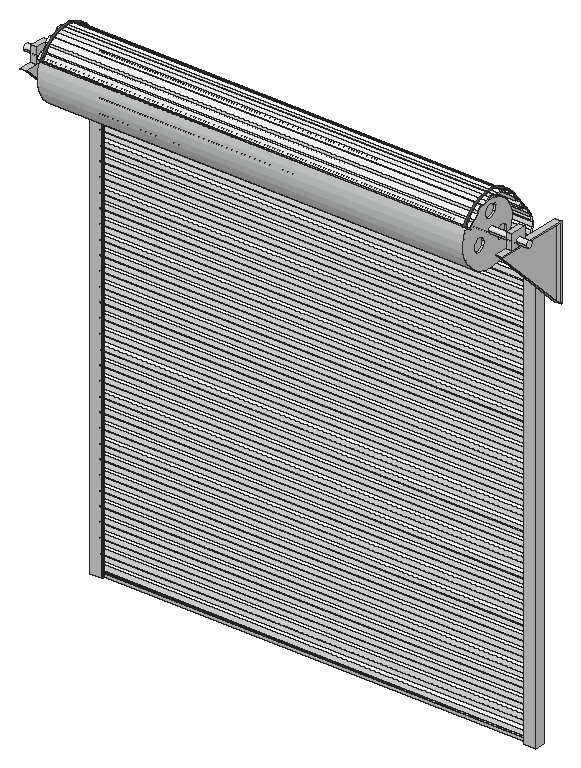
Revit family "Doors_Industrial_Overhead-Door-Corporation_ProStar-Rolling-Steel-Sheet-Doors-790CW_", category Specialty Equipment, host Wall, Revit 2019 (continued)
Definition of nested family "Operator"
  Automatic sketch dimensions
    Masking region 3 sketch curve to Masking region 3 sketch curve = 3 1/2"
    Masking region 3 sketch curve to Masking region 3 sketch curve = 1 1/2"
    Masking region 3 sketch curve to Masking region 3 sketch curve = 131/256"
    curve 2 to Masking region 3 sketch curve = 2 125/256"
    Masking region 3 sketch curve to curve 2 = 5"
    curve 2 to Masking region 3 sketch curve = 4 1/4"  (x2)
    Masking region 3 sketch curve to Masking region 3 sketch curve = 0"
    Masking region 3 sketch curve to Masking region 3 sketch curve = 1"  (x3)
    Masking region 2 sketch curve to curve 2 = 0"  (x2)
    curve 2 to Masking region 2 sketch curve = 15.34603"
    Masking region 2 sketch curve to curve 2 = 2 125/256"
    Masking region 2 sketch curve to curve 2 = 3"
    Masking region 2 sketch curve to Masking region 2 sketch curve = 0"
    curve 2 to Masking region 2 sketch curve = 0.12"  (x2)
    curve 2 to Masking region 2 sketch curve = 2 125/256"
    Masking region 2 sketch curve to Masking region 2 sketch curve = 1.67216"
    Masking region 2 sketch curve to Masking region 2 sketch curve = 0.15206"
    Masking region 2 sketch curve to Masking region 2 sketch curve = 2 3/256"
    Masking region 2 sketch curve to Masking region 2 sketch curve = 0.2164"
    Masking region 2 sketch curve to curve 2 = 7.27045"  (x2)
    Masking region 2 sketch curve to Masking region 2 sketch curve = 2.64258"
    Masking region 2 sketch curve to Masking region 2 sketch curve = 0.25654"
    Masking region 2 sketch curve to curve 2 = 10.70282"
    Sweep 2 sketch curve to plane 1 "Center (Front/Back)" = 0"
    plane 1 "Center (Front/Back)" to Sweep 2 sketch curve = 2.9125"
    radius of Sweep 2 sketch curve = 0.3"
    radius of Extrusion 6 sketch curve = 1/2"
    radius of Extrusion 7 sketch curve = 1"
Types (5): name | Voltage | Frequency | Electrical Operator | Current | Chain Hoist | Apparent Load Phase 1
  ‏​Manual push-up | 0 V | 0 Hz | no | 0 A | no | 0 VA
  Chain Hoist | 0 V | 0 Hz | no | 0 A | yes | 0 VA
  115 volts, one phase, 60 Hz (110-120V range) | 115 V | 60 Hz | yes | 20 A | no | 2300 VA
  208 volts, one phase, 60 Hz (190-207V range) | 208 V | 60 Hz | yes | 20 A | no | 4160 VA
  230 volts, one phase, 60 Hz (208-245V range) | 230 V | 60 Hz | yes | 20 A | no | 4600 VA
